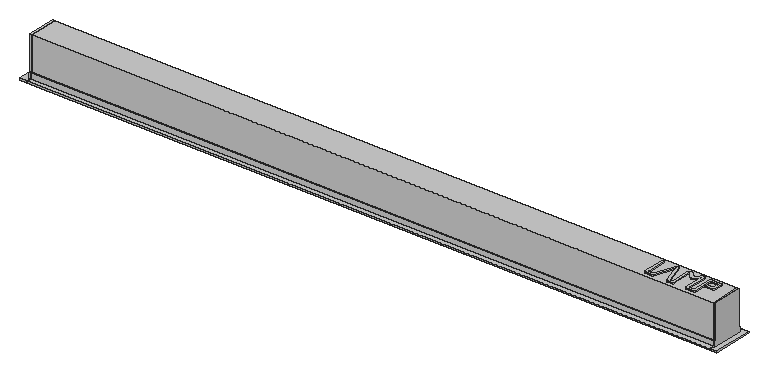
Revit family "LAMP_FIL 50 G2 OPAL RECESSED", category Luminarias, Revit 2015
Parameters (values of type "1137MM 3000LM 3000K GREY")
  Ángulo de inclinación = 90.00°
  Weight = 2.166 kg
  Wattage = 21.3 W
  UniClass 2.0 Descripción = ""
  UniClass 2.0 Code = Product code  # "F52RC120MOOP830NG"
  UniClass 1.4 Descripción = ""
  UniClass 1.4 Code = Product code  # "F52RC120MOOP830NG"
  Type = "MID POWER TRIDONIC"
  built-in parameter 1150110 = 1 (stored number, unit not read)
  Protection rating = "IP42, IK07"
  Product datasheet = "https://www.lamp.es/product-files/TECH/F52RC120MOOP830NG-EN.pdf"
  Product code = "F52RC120MOOP830NG"
  Product URL = "https://www.lamp.es/en/family/fil-50_33388"
  Power Supply = "220-240V 50-60Hz"
  Power = 19 W
  Plum = 21.3 W
  NO COVER 2 [instance] = not(END COVER 2)  # no
  NO COVER 1 [instance] = not(END COVER 1)  # no
  Modelo = Product code  # "F52RC120MOOP830NG"
  Model explanation = "Availability of switching between accessories through visibility parameters when placed in a project."
  Material tapa = LAMP_Aluminio Perfil Fil GR
  Material codo = LAMP_Aluminio Perfil Fil GR
  Manufacturer name = "LAMP"
  Manufacturer country = "Spain"
  Manufacturer URL = "http://www.lamp.es/en"
  MacAdam = "3"
  Luminaire type = "Indoor - Modular System"
  Last update = "07/07/2020"
  LED Lifetime = "50000 L80 B10"
  Insulation class = "I"
  Installation instructions = "https://www.lamp.es/product-files/INS/1003600-G-INSTR.%20ESTRUCTURA%20FIL%2050.pdf"
  IEE = "A++"
  Gear = "Electronic"
  Omniclass Descripción = ""
  OmniClass Code = ""
  Recessed diamensions = "1147x52x80mm"
  Material Difusor = LAMP_PC Difusor Opal Fil
  Material Perfil = LAMP_Aluminio Perfil Fil GR
  Lámpara = "MID-POWER LED"
  Longitud = 1137.00 mm
  IFC Clasificación = "Light Fixture"
  Finish = "Gloss grey"
  built-in parameter 1114217 = 1 (stored number, unit not read)
  built-in parameter 1150109 = 1 (stored number, unit not read)
  Fabricante = Manufacturer name  # "LAMP"
  Efficacy = 89.2 lm/W
  END COVER 2 [instance] = yes
  END COVER 1 [instance] = yes
  Dimensions = "1137x66x67mm"
  Descripción = "FIL 50 G2 OPAL REC 3000 WW GR."
  Comentarios de tipo = Model explanation  # "Availability of switching between accessories through visibility parameters when placed in a project."
  built-in parameter 1150134 = (empty or 0)
  built-in parameter 1150113 = 1 (stored number, unit not read)
  Lumens = 1899.96 lm
  built-in parameter 1150115 = 1 (stored number, unit not read)
  built-in parameter 1150105 = 721.98 (stored number, unit not read)
  built-in parameter 1150137 = (empty or 0)
  built-in parameter 1150139 = (empty or 0)
  built-in parameter 1150112 = 1 (stored number, unit not read)
  built-in parameter 1150114 = 1 (stored number, unit not read)
  built-in parameter 1150132 = 2
  built-in parameter 1150102 = (empty or 0)
  built-in parameter 1150138 = (empty or 0)
  built-in parameter 1150107 = 3000 (stored number, unit not read)
  built-in parameter 1150106 = 7.2198 (stored number, unit not read)
  Emit from Line Length = Longitud  # 1137.00 mm
  built-in parameter 1150104 = 8.287 (stored number, unit not read)
  CORNER 2 RIGHT [instance] = and(NO COVER 2, ACC CORNER 2, not(CORNER 2 LEFT))  # no
  CORNER 2 LEFT [instance] = and(NO COVER 2, ACC CORNER 2, CHANGE SIDE CORNER 2)  # no
  CORNER 1 LEFT [instance] = and(NO COVER 1, ACC CORNER 1, CHANGE SIDE CORNER 1)  # no
  CORNER 1 RIGHT [instance] = and(NO COVER 1, ACC CORNER 1, not(CORNER 1 LEFT))  # no
  Dimming Lamp Color Temperature Shift = (empty or 0)
  Color Filter = 16777215
  built-in parameter 1114218 = 1 (stored number, unit not read)
  CRI = "80"
  CHANGE SIDE CORNER 2 [instance] = no
  CHANGE SIDE CORNER 1 [instance] = no
  Archivo de red fotométrica = "14741503.ies"
  ACC CORNER 2 [instance] = no
  ACC CORNER 1 [instance] = no
  built-in parameter 1150133 = 10 (stored number, unit not read)
Types (16, lengths in mm): name | Weight | Wattage | UniClass 2.0 Code | UniClass 1.4 Code | Product datasheet | Product code | Power | Plum | Modelo | Material tapa | Material codo | LED Lifetime | Recessed diamensions | Material Perfil | Longitud | Finish | Efficacy | Dimensions | Descripción | built-in parameter 1150134 | Lumens | built-in parameter 1150105 | built-in parameter 1150107 | built-in parameter 1150106 | Emit from Line Length | built-in parameter 1150104 | Archivo de red fotométrica
  1137MM 3000LM 3000K WHITE | 2.166 kg | 21.3 W | "F52RC120MOOP830NW" | "F52RC120MOOP830NW" | "https://www.lamp.es/product-files/TECH/F52RC120MOOP830NW-EN.pdf" | "F52RC120MOOP830NW" | 19 W | 21.3 W | "F52RC120MOOP830NW" | LAMP_Aluminio Perfil Fil BL | LAMP_Aluminio Perfil Fil BL | "50000 L80 B10" | "1147x52x80mm" | LAMP_Aluminio Perfil Fil BL | 1137.00 | "Matt white" | 89.2 lm/W | "1137x66x67mm" | "FIL 50 G2 OPAL REC 3000 WW WH." | (empty or 0) | 1899.96 lm | 721.98 (stored number, unit not read) | 3000 (stored number, unit not read) | 7.2198 (stored number, unit not read) | 1137.00 | 8.287 (stored number, unit not read) | "14741500.ies"
  1137MM 3000LM 3000K GREY | 2.166 kg | 21.3 W | "F52RC120MOOP830NG" | "F52RC120MOOP830NG" | "https://www.lamp.es/product-files/TECH/F52RC120MOOP830NG-EN.pdf" | "F52RC120MOOP830NG" | 19 W | 21.3 W | "F52RC120MOOP830NG" | LAMP_Aluminio Perfil Fil GR | LAMP_Aluminio Perfil Fil GR | "50000 L80 B10" | "1147x52x80mm" | LAMP_Aluminio Perfil Fil GR | 1137.00 | "Gloss grey" | 89.2 lm/W | "1137x66x67mm" | "FIL 50 G2 OPAL REC 3000 WW GR." | (empty or 0) | 1899.96 lm | 721.98 (stored number, unit not read) | 3000 (stored number, unit not read) | 7.2198 (stored number, unit not read) | 1137.00 | 8.287 (stored number, unit not read) | "14741503.ies"
  1137MM 3000LM 4000K WHITE | 2.166 kg | 21.3 W | "F52RC120MOOP840NW" | "F52RC120MOOP840NW" | "https://www.lamp.es/product-files/TECH/F52RC120MOOP840NW-EN.pdf" | "F52RC120MOOP840NW" | 19 W | 21.3 W | "F52RC120MOOP840NW" | LAMP_Aluminio Perfil Fil BL | LAMP_Aluminio Perfil Fil BL | "50000 L80 B10" | "1147x52x80mm" | LAMP_Aluminio Perfil Fil BL | 1137.00 | "Matt white" | 94.1 lm/W | "1137x66x67mm" | "FIL 50 G2 OPAL REC 3000 NW WH." | 12 | 2004.33 lm | 761.71 (stored number, unit not read) | 4000 (stored number, unit not read) | 7.6171 (stored number, unit not read) | 1137.00 | 8.7422 (stored number, unit not read) | "14740500.ies"
  1137MM 3000LM 4000K GREY | 2.166 kg | 21.3 W | "F52RC120MOOP840NG" | "F52RC120MOOP840NG" | "https://www.lamp.es/product-files/TECH/F52RC120MOOP840NG-EN.pdf" | "F52RC120MOOP840NG" | 19 W | 21.3 W | "F52RC120MOOP840NG" | LAMP_Aluminio Perfil Fil GR | LAMP_Aluminio Perfil Fil GR | "50000 L80 B10" | "1147x52x80mm" | LAMP_Aluminio Perfil Fil GR | 1137.00 | "Gloss grey" | 94.1 lm/W | "1137x66x67mm" | "FIL 50 G2 OPAL REC 3000 NW GR." | 12 | 2004.33 lm | 761.71 (stored number, unit not read) | 4000 (stored number, unit not read) | 7.6171 (stored number, unit not read) | 1137.00 | 8.7422 (stored number, unit not read) | "14740503.ies"
  1137MM 6000LM 3000K WHITE | 2.166 kg | 40.6 W | "F52RC120HOOP830NW" | "F52RC120HOOP830NW" | "https://www.lamp.es/product-files/TECH/F52RC120HOOP830NW-EN.pdf" | "F52RC120HOOP830NW" | 37 W | 40.6 W | "F52RC120HOOP830NW" | LAMP_Aluminio Perfil Fil BL | LAMP_Aluminio Perfil Fil BL | "50000 L70 B10" | "1147x52x80mm" | LAMP_Aluminio Perfil Fil BL | 1137.00 | "Matt white" | 87.8 lm/W | "1137x66x67mm" | "FIL 50 G2 OPAL REC 6000 WW WH." | (empty or 0) | 3564.68 lm | 1373.1 (stored number, unit not read) | 3000 (stored number, unit not read) | 13.731 (stored number, unit not read) | 1137.00 | 8.1569 (stored number, unit not read) | "14741520.ies"
  1137MM 6000LM 3000K GREY | 2.166 kg | 40.6 W | "F52RC120HOOP830NG" | "F52RC120HOOP830NG" | "https://www.lamp.es/product-files/TECH/F52RC120HOOP830NG-EN.pdf" | "F52RC120HOOP830NG" | 37 W | 40.6 W | "F52RC120HOOP830NG" | LAMP_Aluminio Perfil Fil GR | LAMP_Aluminio Perfil Fil GR | "50000 L70 B10" | "1147x52x80mm" | LAMP_Aluminio Perfil Fil GR | 1137.00 | "Gloss grey" | 87.8 lm/W | "1137x66x67mm" | "FIL 50 G2 OPAL REC 6000 WW GR." | (empty or 0) | 3564.68 lm | 1373.1 (stored number, unit not read) | 3000 (stored number, unit not read) | 13.731 (stored number, unit not read) | 1137.00 | 8.1569 (stored number, unit not read) | "14741523.ies"
  1137MM 6000LM 4000K WHITE | 2.166 kg | 40.6 W | "F52RC120HOOP840NW" | "F52RC120HOOP840NW" | "https://www.lamp.es/product-files/TECH/F52RC120HOOP840NW-EN.pdf" | "F52RC120HOOP840NW" | 37 W | 40.6 W | "F52RC120HOOP840NW" | LAMP_Aluminio Perfil Fil BL | LAMP_Aluminio Perfil Fil BL | "50000 L70 B10" | "1147x52x80mm" | LAMP_Aluminio Perfil Fil BL | 1137.00 | "Matt white" | 92.6 lm/W | "1137x66x67mm" | "FIL 50 G2 OPAL REC 6000 NW WH." | 12 | 3759.56 lm | 1448.1 (stored number, unit not read) | 4000 (stored number, unit not read) | 14.481 (stored number, unit not read) | 1137.00 | 8.6028 (stored number, unit not read) | "14740520.ies"
  1137MM 6000LM 4000K GREY | 2.166 kg | 40.6 W | "F52RC120HOOP840NG" | "F52RC120HOOP840NG" | "https://www.lamp.es/product-files/TECH/F52RC120HOOP840NG-EN.pdf" | "F52RC120HOOP840NG" | 37 W | 40.6 W | "F52RC120HOOP840NG" | LAMP_Aluminio Perfil Fil GR | LAMP_Aluminio Perfil Fil GR | "50000 L70 B10" | "1147x52x80mm" | LAMP_Aluminio Perfil Fil GR | 1137.00 | "Gloss grey" | 92.6 lm/W | "1137x66x67mm" | "FIL 50 G2 OPAL REC 6000 NW GR." | 12 | 3759.56 lm | 1448.1 (stored number, unit not read) | 4000 (stored number, unit not read) | 14.481 (stored number, unit not read) | 1137.00 | 8.6028 (stored number, unit not read) | "14740523.ies"
  1700MM 4600LM 3000K WHITE | 2.86 kg | 32.2 W | "F52RC170MOOP830NW" | "F52RC170MOOP830NW" | "https://www.lamp.es/product-files/TECH/F52RC170MOOP830NW-EN.pdf" | "F52RC170MOOP830NW" | 28 W | 32.2 W | "F52RC170MOOP830NW" | LAMP_Aluminio Perfil Fil BL | LAMP_Aluminio Perfil Fil BL | "50000 L80 B10" | "1710x52x80mm" | LAMP_Aluminio Perfil Fil BL | 1700.00 | "Matt white" | 88.5 lm/W | "1700x66x67mm" | "FIL 50 G2 OPAL REC 4600 WW WH." | (empty or 0) | 2849.7 lm | 1082.9 (stored number, unit not read) | 3000 (stored number, unit not read) | 10.829 (stored number, unit not read) | 1700.00 | 8.2219 (stored number, unit not read) | "14741510.IES"
  1700MM 4600LM 3000K GREY | 2.86 kg | 32.2 W | "F52RC170MOOP830NG" | "F52RC170MOOP830NG" | "https://www.lamp.es/product-files/TECH/F52RC170MOOP830NG-EN.pdf" | "F52RC170MOOP830NG" | 28 W | 32.2 W | "F52RC170MOOP830NG" | LAMP_Aluminio Perfil Fil GR | LAMP_Aluminio Perfil Fil GR | "50000 L80 B10" | "1710x52x80mm" | LAMP_Aluminio Perfil Fil GR | 1700.00 | "Gloss grey" | 88.5 lm/W | "1700x66x67mm" | "FIL 50 G2 OPAL REC 4600 WW GR." | (empty or 0) | 2849.7 lm | 1082.9 (stored number, unit not read) | 3000 (stored number, unit not read) | 10.829 (stored number, unit not read) | 1700.00 | 8.2219 (stored number, unit not read) | "14741513.IES"
  1700MM 4600LM 4000K WHITE | 2.86 kg | 32.2 W | "F52RC170MOOP840NW" | "F52RC170MOOP840NW" | "https://www.lamp.es/product-files/TECH/F52RC170MOOP840NW-EN.pdf" | "F52RC170MOOP840NW" | 28 W | 32.2 W | "F52RC170MOOP840NW" | LAMP_Aluminio Perfil Fil BL | LAMP_Aluminio Perfil Fil BL | "50000 L80 B10" | "1710x52x80mm" | LAMP_Aluminio Perfil Fil BL | 1700.00 | "Matt white" | 93.4 lm/W | "1700x66x67mm" | "FIL 50 G2 OPAL REC 4600 NW WH." | 12 | 3007.48 lm | 1142.9 (stored number, unit not read) | 4000 (stored number, unit not read) | 11.429 (stored number, unit not read) | 1700.00 | 8.6771 (stored number, unit not read) | "14740510.IES"
  1700MM 4600LM 4000K GREY | 2.86 kg | 32.2 W | "F52RC170MOOP840NG" | "F52RC170MOOP840NG" | "https://www.lamp.es/product-files/TECH/F52RC170MOOP840NG-EN.pdf" | "F52RC170MOOP840NG" | 28 W | 32.2 W | "F52RC170MOOP840NG" | LAMP_Aluminio Perfil Fil GR | LAMP_Aluminio Perfil Fil GR | "50000 L80 B10" | "1710x52x80mm" | LAMP_Aluminio Perfil Fil GR | 1700.00 | "Gloss grey" | 93.4 lm/W | "1700x66x67mm" | "FIL 50 G2 OPAL REC 4600 NW GR." | 12 | 3007.48 lm | 1142.9 (stored number, unit not read) | 4000 (stored number, unit not read) | 11.429 (stored number, unit not read) | 1700.00 | 8.6771 (stored number, unit not read) | "14740513.IES"
  1700MM 9200LM 3000K WHITE | 2.86 kg | 60.4 W | "F52RC170HOOP830NW" | "F52RC170HOOP830NW" | "https://www.lamp.es/product-files/TECH/F52RC170HOOP830NW-EN.pdf" | "F52RC170HOOP830NW" | 55 W | 60.4 W | "F52RC170HOOP830NW" | LAMP_Aluminio Perfil Fil BL | LAMP_Aluminio Perfil Fil BL | "50000 L70 B10" | "1710x52x80mm" | LAMP_Aluminio Perfil Fil BL | 1700.00 | "Matt white" | 88.6 lm/W | "1700x66x67mm" | "FIL 50 G2 OPAL REC 9200 WW WH." | (empty or 0) | 5351.44 lm | 2061.3 (stored number, unit not read) | 3000 (stored number, unit not read) | 20.613 (stored number, unit not read) | 1700.00 | 8.2312 (stored number, unit not read) | "14741530.IES"
  1700MM 9200LM 3000K GREY | 2.86 kg | 60.4 W | "F52RC170HOOP830NG" | "F52RC170HOOP830NG" | "https://www.lamp.es/product-files/TECH/F52RC170HOOP830NG-EN.pdf" | "F52RC170HOOP830NG" | 55 W | 60.4 W | "F52RC170HOOP830NG" | LAMP_Aluminio Perfil Fil GR | LAMP_Aluminio Perfil Fil GR | "50000 L70 B10" | "1710x52x80mm" | LAMP_Aluminio Perfil Fil GR | 1700.00 | "Gloss grey" | 88.6 lm/W | "1700x66x67mm" | "FIL 50 G2 OPAL REC 9200 WW GR." | (empty or 0) | 5351.44 lm | 2061.3 (stored number, unit not read) | 3000 (stored number, unit not read) | 20.613 (stored number, unit not read) | 1700.00 | 8.2312 (stored number, unit not read) | "14741533.IES"
  1700MM 9200LM 4000K WHITE | 2.86 kg | 60.4 W | "F52RC170HOOP840NW" | "F52RC170HOOP840NW" | "https://www.lamp.es/product-files/TECH/F52RC170HOOP840NW-EN.pdf" | "F52RC170HOOP840NW" | 55 W | 60.4 W | "F52RC170HOOP840NW" | LAMP_Aluminio Perfil Fil BL | LAMP_Aluminio Perfil Fil BL | "50000 L70 B10" | "1710x52x80mm" | LAMP_Aluminio Perfil Fil BL | 1700.00 | "Matt white" | 93.4 lm/W | "1700x66x67mm" | "FIL 50 G2 OPAL REC 9200 NW WH." | 12 | 5641.36 lm | 2173 (stored number, unit not read) | 4000 (stored number, unit not read) | 21.73 (stored number, unit not read) | 1700.00 | 8.6771 (stored number, unit not read) | "14740530.IES"
  1700MM 9200LM 4000K GREY | 2.86 kg | 60.4 W | "F52RC170HOOP840NG" | "F52RC170HOOP840NG" | "https://www.lamp.es/product-files/TECH/F52RC170HOOP840NG-EN.pdf" | "F52RC170HOOP840NG" | 55 W | 60.4 W | "F52RC170HOOP840NG" | LAMP_Aluminio Perfil Fil GR | LAMP_Aluminio Perfil Fil GR | "50000 L70 B10" | "1710x52x80mm" | LAMP_Aluminio Perfil Fil GR | 1700.00 | "Gloss grey" | 93.4 lm/W | "1700x66x67mm" | "FIL 50 G2 OPAL REC 9200 NW GR." | 12 | 5641.36 lm | 2173 (stored number, unit not read) | 4000 (stored number, unit not read) | 21.73 (stored number, unit not read) | 1700.00 | 8.6771 (stored number, unit not read) | "14740533.IES"
Reference planes
  plane 1 "Eje de origen de luz (F/P)": y = 0
  plane 2 "Techo": z = 2438.4
  plane 3 "Eje de origen de luz (I/D)": x = 0
  plane 4 "Elevación de origen de luz": z = 2438.398
  plane 5: x = 1137
  plane 6: z = 2398.4
  plane 7 "Centro origen de luz": x = 568.5
Forms (mm)
  Extrusion 1, solid, material "LAMP_Aluminio Perfil Fil GR" <- "Material Perfil"
    sketch origin (0, 0, 200.882) x (0, 1, 0) y (0, 0, 1)
      loop
        line (33.2, 2237.518) -> (25.5, 2237.518) -> (25.5, 2245.533) -> (24, 2246.469) -> (24, 2302.333) -> (-24, 2302.333) -> (-24, 2246.469) -> (-25.5, 2245.533) -> (-25.5, 2237.518) -> (-33.2, 2237.518) -> (-33.2, 2235.033) -> (-22.902, 2235.033) -> (-22.902, 2237.518) -> (22.896, 2237.518) -> (22.896, 2235.033) -> (33.2, 2235.033) -> (33.2, 2237.518)
    from 0 to 1137
  Extrusion 2, solid, material "LAMP_PC Difusor Opal Fil" <- "Material Difusor"
    sketch origin (0, 0, 198.4) x (0, 1, 0) y (0, 0, 1)
      loop
        line (-22.902, 2240) -> (-22.902, 2237.516) -> (22.896, 2237.516) -> (22.896, 2240) -> (-22.902, 2240)
    from 0 to 1137
  Extrusion 3, solid, material "LAMP_Aluminio Perfil Fil GR" <- "Material Perfil"
    sketch origin (0, 0, 2438.398) x (0, -1, 0) y (1, 0, 0)
      loop
        arc (17.119, 1016.445) -> (18.397, 1016.975) -> (18.927, 1018.253) r 1.808
        line (18.927, 1018.253) -> (18.927, 1029.267)
        arc (18.927, 1029.267) -> (18.578, 1030.358) -> (17.659, 1031.044) r 1.88
        line (17.659, 1031.044) -> (-14.352, 1042.059) -> (17.484, 1053.013)
        arc (17.484, 1053.013) -> (18.346, 1053.656) -> (18.674, 1054.681) r 1.764
        line (18.674, 1054.681) -> (18.674, 1062.614)
        arc (18.674, 1062.614) -> (18.156, 1063.864) -> (16.906, 1064.381) r 1.768
        line (16.906, 1064.381) -> (-14.554, 1064.381) -> (-4.594, 1074.341) -> (-14.554, 1084.301) -> (17.21, 1084.301)
        arc (17.21, 1084.301) -> (18.424, 1084.803) -> (18.927, 1086.017) r 1.717
        line (18.927, 1086.017) -> (18.927, 1098.334)
        arc (18.927, 1098.334) -> (18.383, 1099.648) -> (17.069, 1100.192) r 1.858
        line (17.069, 1100.192) -> (-13.013, 1100.192)
        arc (-13.013, 1100.192) -> (-14.283, 1100.718) -> (-14.809, 1101.988) r 1.796
        line (-14.809, 1101.988) -> (-14.809, 1110.342)
        arc (-14.809, 1110.342) -> (-14.267, 1111.65) -> (-12.96, 1112.192) r 1.849
        line (-12.96, 1112.192) -> (-6.647, 1112.192)
        arc (-6.647, 1112.192) -> (-5.347, 1111.654) -> (-4.809, 1110.354) r 1.838
        line (-4.809, 1110.354) -> (-4.809, 1102.661)
        arc (-4.809, 1102.661) -> (-2.809, 1100.661) -> (-0.809, 1102.661) r 2
        line (-0.809, 1102.661) -> (-0.809, 1114.399)
        arc (-0.809, 1114.399) -> (-1.334, 1115.667) -> (-2.602, 1116.192) r 1.793
        line (-2.602, 1116.192) -> (-16.927, 1116.192)
        arc (-16.927, 1116.192) -> (-18.258, 1115.641) -> (-18.809, 1114.31) r 1.882
        line (-18.809, 1114.31) -> (-18.809, 1098.05)
        arc (-18.809, 1098.05) -> (-18.265, 1096.736) -> (-16.951, 1096.192) r 1.858
        line (-16.951, 1096.192) -> (13.12, 1096.192)
        arc (13.12, 1096.192) -> (14.434, 1095.647) -> (14.979, 1094.333) r 1.859
        line (14.979, 1094.333) -> (14.979, 1090.219)
        arc (14.979, 1090.219) -> (14.437, 1088.912) -> (13.13, 1088.37) r 1.849
        line (13.13, 1088.37) -> (-15.126, 1088.37)
        arc (-15.126, 1088.37) -> (-19.159, 1085.469) -> (-17.69, 1080.723) r 4.253
        line (-17.69, 1080.723) -> (-11.308, 1074.341) -> (-17.69, 1067.959)
        arc (-17.69, 1067.959) -> (-19.159, 1063.213) -> (-15.126, 1060.312) r 4.253
        line (-15.126, 1060.312) -> (12.678, 1060.312)
        arc (12.678, 1060.312) -> (14.942, 1058.395) -> (13.424, 1055.847) r 2.295
        line (13.424, 1055.847) -> (-16.253, 1045.64)
        arc (-16.253, 1045.64) -> (-18.809, 1042.059) -> (-16.253, 1038.477) r 3.788
        line (-16.253, 1038.477) -> (13.721, 1028.169)
        arc (13.721, 1028.169) -> (14.632, 1027.489) -> (14.979, 1026.406) r 1.864
        line (14.979, 1026.406) -> (14.979, 1022.222)
        arc (14.979, 1022.222) -> (14.458, 1020.966) -> (13.201, 1020.445) r 1.777
        line (13.201, 1020.445) -> (-17.021, 1020.445)
        arc (-17.021, 1020.445) -> (-19.021, 1018.445) -> (-17.021, 1016.445) r 2
        line (-17.021, 1016.445) -> (17.119, 1016.445)
    from 65.82 to 64.818
Text (mm)
  text "Any modification of the parameters and properties of the LAMP BIM models must be executed and validated by the LAMP technical department.\n\nPhone: +34 93 736 68 00\n\nE-mail: lamp@lamp.es\n\n\n\nLAMP reserves the right to modify the technical specifications of its products." at (1802.306, -562.782, 1858.592), in view "Preview"
Dimensions and locks
  equal spacing: host sketch curve, plane 3 "Eje de origen de luz (I/D)", host sketch curve
  equal spacing: host sketch curve, plane 1 "Eje de origen de luz (F/P)", host sketch curve
  host sketch curve to host sketch curve = 5152.00 mm
  host sketch curve to host sketch curve = 3048.00 mm
  "Longitud": plane 3 "Eje de origen de luz (I/D)" to plane 5
  Extrusion 2 sketch curve to imposter light = 0.002 mm
  locked: plane 2 "Techo" to plane 6 at 40
  equal spacing: plane 3 "Eje de origen de luz (I/D)", plane 7 "Centro origen de luz", plane 5
  aligned and locked: plane 1 "Eje de origen de luz (F/P)" to imposter light
  aligned and locked: plane 4 "Elevación de origen de luz" to imposter light
  aligned and locked: plane 5 to Extrusion 2
  aligned and locked: plane 5 to Extrusion 1
  aligned and locked: Extrusion 2 to plane 3 "Eje de origen de luz (I/D)"
  aligned and locked: Extrusion 1 to plane 3 "Eje de origen de luz (I/D)"
  aligned and locked: imposter light to plane 7 "Centro origen de luz"
  aligned and locked: plane 5 to nested 1
  aligned and locked: plane 3 "Eje de origen de luz (I/D)" to nested 2
  aligned and locked: plane 5 to nested 3
  aligned and locked: nested 4 to plane 5
  aligned and locked: Extrusion 3 to Extrusion 1
Automatic sketch dimensions
  Extrusion 1 sketch curve to plane 2 "Techo" = 0.00 mm  (x3)
  plane 4 "Elevación de origen de luz" to Extrusion 1 sketch curve = 2.482 mm  (x2)
  plane 1 "Eje de origen de luz (F/P)" to Extrusion 1 sketch curve = 33.20 mm
  plane 2 "Techo" to Extrusion 1 sketch curve = 8.016 mm  (x2)
  Extrusion 1 sketch curve to Extrusion 1 sketch curve = 7.70 mm  (x2)
  plane 2 "Techo" to Extrusion 1 sketch curve = 8.952 mm
  Extrusion 1 sketch curve to Extrusion 1 sketch curve = 1.50 mm  (x2)
  Extrusion 1 sketch curve to Extrusion 1 sketch curve = 2.598 mm
  Extrusion 1 sketch curve to plane 1 "Eje de origen de luz (F/P)" = 22.896 mm
  Extrusion 1 sketch curve to Extrusion 1 sketch curve = 1.104 mm
  Extrusion 1 sketch curve to Extrusion 1 sketch curve = 0.936 mm
  Extrusion 1 sketch curve to Extrusion 1 sketch curve = 55.864 mm
  plane 4 "Elevación de origen de luz" to Extrusion 2 sketch curve = 2.482 mm
  plane 1 "Eje de origen de luz (F/P)" to Extrusion 2 sketch curve = 22.902 mm
  Extrusion 2 sketch curve to plane 1 "Eje de origen de luz (F/P)" = 22.896 mm
  Extrusion 3 sketch curve to plane 1 "Eje de origen de luz (F/P)" = 18.809 mm
  Extrusion 3 sketch curve to Extrusion 3 sketch curve = 1.119 mm
  Extrusion 3 sketch curve to Extrusion 3 sketch curve = 0.00 mm  (x4)
  Extrusion 3 sketch curve to plane 1 "Eje de origen de luz (F/P)" = 17.021 mm
  Extrusion 3 sketch curve to Extrusion 3 sketch curve = 1.858 mm  (x2)
  Extrusion 3 sketch curve to Extrusion 3 sketch curve = 1.882 mm
  Extrusion 3 sketch curve to plane 1 "Eje de origen de luz (F/P)" = 16.253 mm
  Extrusion 3 sketch curve to Extrusion 3 sketch curve = 1.824 mm
  Extrusion 3 sketch curve to Extrusion 3 sketch curve = 2.563 mm
  Extrusion 3 sketch curve to Extrusion 3 sketch curve = 1.232 mm
  Extrusion 3 sketch curve to Extrusion 3 sketch curve = 2.118 mm  (x2)
  Extrusion 3 sketch curve to Extrusion 3 sketch curve = 0.572 mm  (x2)
  Extrusion 3 sketch curve to Extrusion 3 sketch curve = 0.669 mm
  Extrusion 3 sketch curve to Extrusion 3 sketch curve = 1.796 mm
  Extrusion 3 sketch curve to Extrusion 3 sketch curve = 1.849 mm  (x2)
  Extrusion 3 sketch curve to Extrusion 3 sketch curve = 6.382 mm  (x2)
  Extrusion 3 sketch curve to Extrusion 3 sketch curve = 6.313 mm
  Extrusion 3 sketch curve to plane 1 "Eje de origen de luz (F/P)" = 4.809 mm
  Extrusion 3 sketch curve to plane 1 "Eje de origen de luz (F/P)" = 4.594 mm
  Extrusion 3 sketch curve to Extrusion 3 sketch curve = 2.00 mm  (x2)
  Extrusion 3 sketch curve to Extrusion 3 sketch curve = 1.793 mm
  plane 1 "Eje de origen de luz (F/P)" to Extrusion 3 sketch curve = 12.678 mm
  plane 1 "Eje de origen de luz (F/P)" to Extrusion 3 sketch curve = 13.114 mm
  plane 1 "Eje de origen de luz (F/P)" to Extrusion 3 sketch curve = 13.12 mm
  Extrusion 3 sketch curve to Extrusion 3 sketch curve = 0.01 mm
  Extrusion 3 sketch curve to Extrusion 3 sketch curve = 0.087 mm
  Extrusion 3 sketch curve to Extrusion 3 sketch curve = 0.746 mm
  Extrusion 3 sketch curve to Extrusion 3 sketch curve = 0.606 mm
  Extrusion 3 sketch curve to Extrusion 3 sketch curve = 1.777 mm
  Extrusion 3 sketch curve to Extrusion 3 sketch curve = 4.228 mm
  Extrusion 3 sketch curve to Extrusion 3 sketch curve = 3.485 mm
  Extrusion 3 sketch curve to Extrusion 3 sketch curve = 3.327 mm
  Extrusion 3 sketch curve to Extrusion 3 sketch curve = 3.949 mm
  Extrusion 3 sketch curve to Extrusion 3 sketch curve = 3.917 mm
  Extrusion 3 sketch curve to Extrusion 3 sketch curve = 4.08 mm
  Extrusion 3 sketch curve to Extrusion 3 sketch curve = 0.574 mm
  Extrusion 3 sketch curve to Extrusion 3 sketch curve = 0.612 mm
  Extrusion 3 sketch curve to Extrusion 3 sketch curve = 1.764 mm
  Extrusion 3 sketch curve to Extrusion 3 sketch curve = 1.88 mm
  Extrusion 3 sketch curve to plane 5 = 120.555 mm
  Extrusion 3 sketch curve to Extrusion 3 sketch curve = 4.184 mm
  Extrusion 3 sketch curve to Extrusion 3 sketch curve = 2.861 mm
  Extrusion 3 sketch curve to Extrusion 3 sketch curve = 18.032 mm
  Extrusion 3 sketch curve to Extrusion 3 sketch curve = 3.582 mm
  Extrusion 3 sketch curve to Extrusion 3 sketch curve = 21.969 mm
  Extrusion 3 sketch curve to Extrusion 3 sketch curve = 1.166 mm
  Extrusion 3 sketch curve to Extrusion 3 sketch curve = 2.17 mm
  Extrusion 3 sketch curve to Extrusion 3 sketch curve = 2.302 mm
  Extrusion 3 sketch curve to Extrusion 3 sketch curve = 0.184 mm  (x2)
  Extrusion 3 sketch curve to Extrusion 3 sketch curve = 4.114 mm
  Extrusion 3 sketch curve to Extrusion 3 sketch curve = 2.142 mm
  Extrusion 3 sketch curve to Extrusion 3 sketch curve = 0.673 mm
  Extrusion 3 sketch curve to Extrusion 3 sketch curve = 8.355 mm
Nested families
  nested 1: "LAMP_ENDCOVER RECESSED" at (1137, 0, 2435.916), Material <- "Material tapa", visible <- "END COVER 1", type "GREY"
    with Material LAMP_Aluminio Perfil Fil GR
  nested 2: "LAMP_ENDCOVER RECESSED" at (0, 0, 2435.916) x (-1, 0, 0) z (0, 0, 1), Material <- "Material tapa", visible <- "END COVER 2", type "GREY"
    with Material LAMP_Aluminio Perfil Fil GR
  nested 3: "LAMP_FIL ACC 90º WALL CORNER RECESSED" at (1137, 25.2, -1561.6), visible <- "CORNER 1 RIGHT", type "GREY"
  nested 4: "LAMP_FIL ACC 90º WALL CORNER RECESSED" at (1217, 55, -1561.6) x (0, -1, 0) z (0, 0, 1), visible <- "CORNER 1 LEFT", type "GREY"
  nested 5: "LAMP_FIL ACC 90º WALL CORNER RECESSED" at (0, 25.2, -1561.6) x (-1, 0, 0) z (0, 0, 1), visible <- "CORNER 2 RIGHT", type "GREY"
  nested 6: "LAMP_FIL ACC 90º WALL CORNER RECESSED" at (-80, 55, -1561.6) x (0, -1, 0) z (0, 0, 1), visible <- "CORNER 2 LEFT", type "GREY"
Connectors
  electrical at (20, 0, 2503.216)
    settings: on Extrusion 1, index 1, voltage 240 V, apparent load 0 VA, apparent load phase1 0 VA, apparent load phase2 0 VA, apparent load phase3 0 VA, power factor 1, load classification "Iluminación", number of poles 1, system type 31, power factor state 1, is connector primary yes, connector utility no, sub classification motor no, connector description ""
Definition of nested family "LAMP_ENDCOVER RECESSED"
  Parameters (values of type "GREY")
    Material [instance] = none
  Types (3): name
    (no name)
    GREY
    WHITE
  Reference planes
    plane 1 "Centro (Frontal/Posterior)": y = 0
    plane 2: z = 0
    plane 3 "Centro (Izquierda/Derecha)": x = 0
  Forms (mm)
    Extrusion 1, solid, material <- "Material"
      sketch origin (0, 0, 0) x (1, 0, 0) y (0, 0, 1)
        loop
          line (0, 0) -> (11, 0) -> (11, 2.5) -> (3, 2.5) -> (3, 67.3) -> (0, 67.3) -> (0, 0)
      from 33.2 to -33.2
    Extrusion 2, void
      sketch origin (0, 0, 0) x (0, 1, 0) y (0, 0, 1)
        loop
          line (33.2, 2.5) -> (33.2, 69.75) -> (24, 69.75) -> (24, 11.436) -> (25.5, 10.5) -> (25.5, 2.5) -> (33.2, 2.5)
      from 4 to -4
    Extrusion 3, void
      sketch origin (0, 0, 0) x (0, -1, 0) y (0, 0, -1)
        loop
          line (33.2, -2.5) -> (25.5, -2.5) -> (25.5, -10.5) -> (24, -11.436) -> (24, -69.75) -> (33.2, -69.75) -> (33.2, -2.5)
      from 4 to -4
  Cuts and joins
    Extrusion 2, Extrusion 3 cuts Extrusion 1
  Dimensions and locks
    aligned and locked: level to plane 2
Definition of nested family "LAMP_FIL ACC 90º WALL CORNER RECESSED"
  Parameters (values of type "WHITE")
    Last update = "09/05/2018"
    Manufacturer URL = "http://www.lamp.es/en"
    Material Codo = none
    Manufacturer country = "Spain"
    Manufacturer name = "LAMP"
    Product code = "4705210"
  Types (2, lengths in mm): name | Product code
    WHITE | "4705210"
    GREY | "4705213"
  Reference planes
    plane 1 "Eje de origen de luz (F/P)": y = 0
    plane 2: z = 0
    plane 3 "Eje de origen de luz (I/D)": x = 0
    plane 4 "Techo": z = 4000
    plane 5 "Elevación de origen de luz": z = 3700
    plane 6: x = 79
    plane 7: y = -80
  Forms (mm)
    Sweep 1, solid, material <- "Material Codo"
      path origin (-10, 0, 4000) x (0, 1, 0) y (-1, 0, 0)
        loop
          line (0, -10) -> (0, -90) -> (-80, -90)
      profile origin (40, 0, 4000) x (0, 1, 0) y (0, 0, 1)
        loop
          line (-49, 64.8) -> (-49, 8.936) -> (-50.5, 8) -> (-50.5, 0) -> (-58.2, 0) -> (-58.2, -2.5) -> (8.2, -2.5) -> (8.2, 0) -> (0.5, 0) -> (0.5, 8) -> (-1, 8.936) -> (-1, 64.8) -> (-49, 64.8)
  Dimensions and locks
    equal spacing: host sketch curve, plane 3 "Eje de origen de luz (I/D)", host sketch curve
    equal spacing: host sketch curve, plane 1 "Eje de origen de luz (F/P)", host sketch curve
    host sketch curve to host sketch curve = 4000.00 mm  (x2)
    locked: plane 4 "Techo" to host ceiling at 0
    plane 3 "Eje de origen de luz (I/D)" to plane 6 = 79.00 mm
    plane 7 to plane 1 "Eje de origen de luz (F/P)" = 80.00 mm
    plane 5 "Elevación de origen de luz" to plane 4 "Techo" = 300.00 mm
    aligned and locked: plane 3 "Eje de origen de luz (I/D)" to Sweep 1
    aligned and locked: plane 7 to Sweep 1
    aligned and locked: plane 6 to Sweep 1
